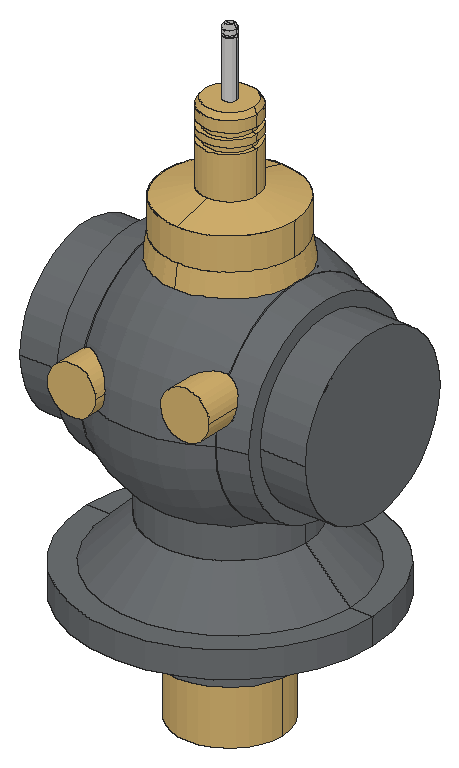
Revit family "1AHQM_DN40-50_External_RFA", category Pipe Accessories, Revit 2019
Family settings
  Round Connector Dimension = Use Diameter
  Part Type = Valve - Breaks Into
  OmniClass Number = 23.65.55.14.17
  OmniClass Title = Adjusting/Controlling Valves for Liquid Services
  Work Plane-Based = No
  Always vertical = Yes
  Cut with Voids When Loaded = No
  Shared = No
Parameters (values of type "AHQM_DN50_External_003L3602")
  TR = R * 2  # 76 mm
  R_V3 = 47 mm
  R_T2 = 33 mm
  L2 = 13 mm
  Weight = 6.20 kg
  W [instance] = 58 mm
  Valve Body Material = Danfoss Grey Iron
  URL = "https://store.danfoss.com/en/Climate-Solutions-for-heating/Pressure-and-Flow-Controllers/Pressure-Independent-Control-Valves/c/4120?q=%3Arelevance%3Adanfoss_producttypehierarchydesc%3A4503ff21ed70ed1f579e41a58838c27d4b1d929f%3Adanfoss_a50461501115_fts%3ATA6_1501121&page=0&pageSize=10"
  Nominal Pressure = "PN 16"  # constant formula
  Min Flow = "2.5 m³/h"
  Max Flow = "12.5 m³/h"
  Max Differential Pressure = "4 bar"  # constant formula
  Kvs = 20.0 m³/h
  H_TP2 = 16 mm
  R_B7 = 29.5 mm
  R_B6 = 65 mm
  L_TP1 = 25.5 mm
  H_TP1 = 8 mm
  L_TP2 = 26 mm
  H_B6 = 12 mm
  W_TP = 58 mm
  H2 = 35 mm
  Stroke = "10 mm"  # constant formula
  R = 38 mm
  L = 130 mm
  R_B3 = 51 mm
  R_B5 = 24 mm
  H_B4 = 15.5 mm
  H_B2 = 78 mm
  H_B1 = 58.5 mm
  H_B3 = 79 mm
  HH = 141 mm
  R_V1 = 44 mm
  R_V2 = 56.3 mm
  R_T1 = 29.5 mm
  R_B2 = 54.5 mm
  R_B4 = 40 mm
  R_B1 = 34.5 mm
  Pressure Drop [instance] = 0.0 bar
  Model Type = "AHQM_DN50_External"
  Model = "003L3602"
  Min Medium Temperature = "2 °C"  # constant formula
  Max Medium Temperature = "120 °C"  # constant formula
  Manufacturer = "Danfoss"  # constant formula
  LOD 350 = not(LOD 200)  # yes
  LOD 200 = no
  L1 = 21 mm
  IfcExportType = "AHQM"  # constant formula
  IfcExportAs = "IfcValveType"  # constant formula
  H_B5 = 28 mm
  H = 141.5 mm
  H1 = 71 mm
  Flow [instance] = 0.0 m³/h
  Description = "Pressure Independent Control Valve"  # constant formula
  D = 50 mm
  Connection = "External Thread"  # constant formula
Types (2, lengths in mm): name | TR | R_V3 | L2 | Weight | Min Flow | Max Flow | Kvs | H_TP2 | L_TP1 | L_TP2 | W_TP | R | L | R_V1 | R_V2 | R_B1 | Model Type | Model | L1 | D
  AHQM_DN50_External_003L3602 | 76 | 47 | 13 | 6.20 kg | "2.5 m³/h" | "12.5 m³/h" | 20.0 m³/h | 16 | 25.5 | 26 | 58 | 38 | 130 | 44 | 56.3 | 34.5 | "AHQM_DN50_External" | "003L3602" | 21 | 50
  AHQM_DN40_External_003L3601 | 60 | 39.5 | 8 | 5.40 kg | "1.5 m³/h" | "7.5 m³/h" | 12.5 m³/h | 15 | 20 | 20 | 49 | 30 | 110 | 37 | 49.1 | 33 | "AHQM_DN40_External" | "003L3601" | 18 | 40
Reference planes
  plane 1 "Center (Front/Back)": y = 0
  plane 2 "XYPLANE": z = 0
  plane 3 "Center (Left/Right)": x = 0
  plane 4 "192": x = -31
  plane 5 "187": x = 31
  plane 6 "182": z = 111
  plane 7 "181": z = 108.5
  plane 8 "178": z = 94.5
  plane 9 "174": z = 75.5
  plane 10 "173": z = 71
  plane 11 "172": z = -79
  plane 12 "162": x = -44
  plane 13 "161": x = 44
  plane 14 "74": x = 65
  plane 15 "73": x = -65
  plane 16 "72": z = 0
  plane 17 "71": x = 0
  plane 18 "70": y = 0
  plane 19 "TP2": x = 26
  plane 20: z = 8
  plane 21 "180_2": z = 103.5
  plane 22 "183_2": z = 136.5
  plane 23 "183_3": z = 138
  plane 24 "183_4": z = 141.5
  plane 25: x = 3
  plane 26: x = 1.7
  plane 27: z = 139.75
  plane 28: z = 97.5
  plane 29: z = 100.5
  plane 30: z = 103.5
  plane 31 "B1": z = -141
  plane 32: z = -58.5
  plane 33: z = -78
  plane 34: z = -97.5
  plane 35: z = -113
  plane 36 "TP1": x = -25.5
  plane 37: z = 35
Forms (mm)
  Blend 1, solid, material "Danfoss Grey Iron" <- "Valve Body Material", visible <- "LOD 350", detail levels fine
    base sketch origin (57, -750, 0) x (0, 1, 0) y (0, 0, 1)
      loop
        circle (750, 0) r 44
    top sketch origin (57, -750, 0) x (0, 1, 0) y (0, 0, 1)
      loop
        circle (750, 0) r 47
    from -13 to -26
  Blend 2, solid, material "Danfoss Grey Iron" <- "Valve Body Material", visible <- "LOD 350", detail levels fine
    base sketch origin (-31, -750, 0) x (0, 1, 0) y (0, 0, 1)
      loop
        circle (750, 0) r 44
    top sketch origin (-31, -750, 0) x (0, 1, 0) y (0, 0, 1)
      loop
        circle (750, 0) r 47
    from -13 to 0
  Extrusion 3, solid, material "Danfoss Brass", visible <- "LOD 350", detail levels fine
    sketch origin (-750, 0, 71) x (1, 0, 0) y (0, 1, 0)
      loop
        circle (750, 0) r 29.5
    from 0 to -14.638
  Extrusion 4, solid, material "Danfoss Brass", visible <- "LOD 350", detail levels fine
    sketch origin (-750, 0, 108.5) x (1, 0, 0) y (0, 1, 0)
      loop
        circle (750, 0) r 12.5
    from -5 to 0
  Blend 5, solid, material "Danfoss Brass", visible <- "LOD 350", detail levels fine
    base sketch origin (0, 0, 109.5) x (-1, 0, 0) y (0, -1, 0)
      loop
        circle (0, 0) r 12.5
    top sketch origin (0, 0, 109.5) x (-1, 0, 0) y (0, -1, 0)
      loop
        circle (0, 0) r 11
    from -1 to 1.5
  Blend 6, solid, material "Danfoss Grey Iron" <- "Valve Body Material", visible <- "LOD 350", detail levels fine
    base sketch origin (-750, 0, -86.96) x (1, 0, 0) y (0, 1, 0)
      loop
        circle (750, 0) r 54.5
    top sketch origin (-750, 0, -86.96) x (1, 0, 0) y (0, 1, 0)
      loop
        circle (750, 0) r 34.5
    from 8.96 to 28.46
  Extrusion 7, solid, material "Danfoss Brass", detail levels fine
    sketch origin (0, 0, -141) x (-1, 0, 0) y (0, -1, 0)
      loop
        circle (0, 0) r 24
    from 0 to 28 <- "H_B5"
  Blend 8, solid, material "Danfoss Grey Iron" <- "Valve Body Material", visible <- "LOD 350", detail levels fine
    base sketch origin (-750, 0, -54.28) x (1, 0, 0) y (0, 1, 0)
      loop
        circle (750, 0) r 40
    top sketch origin (-750, 0, -54.28) x (1, 0, 0) y (0, 1, 0)
      loop
        circle (750, 0) r 51
    from -43.22 to -35.72
  Extrusion 9, solid, material "Danfoss Grey Iron" <- "Valve Body Material", detail levels fine
    sketch origin (65, -750, 0) x (0, 1, 0) y (0, 0, 1)
      loop
        circle (750, 0) r 38
    from 0 to -21
  Extrusion 10, solid, material "Danfoss Grey Iron" <- "Valve Body Material", detail levels fine
    sketch origin (-65, -750, 0) x (0, 1, 0) y (0, 0, 1)
      loop
        circle (750, 0) r 38
    from 0 to 21
  Extrusion 11, solid, material "Danfoss Grey Iron" <- "Valve Body Material", not visible
    sketch origin (65, -750, 0) x (0, 1, 0) y (0, 0, 1)
      loop
        circle (750, 0) r 10
    from 0 to -10
  Extrusion 12, solid, material "Danfoss Grey Iron" <- "Valve Body Material", not visible
    sketch origin (-65, -750, 0) x (0, 1, 0) y (0, 0, 1)
      loop
        circle (750, 0) r 10
    from 0 to 10
  Extrusion 13, solid, material "Danfoss Brass", visible <- "LOD 350", detail levels fine
    sketch origin (0, 0, 0) x (1, 0, 0) y (0, 0, 1)
      loop
        circle (26, 16) r 11
      loop
        circle (-25.5, 8) r 11
    from 0 to 58 <- "W_TP"
  Revolve 14, solid, material "Danfoss Stainless Steel AISI 304 / AISI 316L", visible <- "LOD 350", detail levels fine
    sketch origin (0, 0, 0) x (1, 0, 0) y (0, 0, 1)
      loop
        line (0, 141.5) -> (0, 111) -> (3, 111) -> (3, 136.5) -> (1.7, 136.5) -> (1.7, 138) -> (3, 138) -> (3, 139.75) -> (1.7, 141.5) -> (0, 141.5)
      axis (0, 141.5) -> (0, 111)
    angle from 0 to 360
  Extrusion 15, solid, material "Danfoss Stainless Steel AISI 304 / AISI 316L", visible <- "LOD 200", detail levels fine
    sketch origin (-750, 0, 75.5) x (1, 0, 0) y (0, 1, 0)
      loop
        circle (750, 0) r 3
    from 66 to 35.5
  Extrusion 16, solid, material "Danfoss Grey Iron" <- "Valve Body Material", visible <- "LOD 200", detail levels fine
    sketch origin (-44, -750, 0) x (0, 1, 0) y (0, 0, 1)
      loop
        circle (750, 0) r 47
    from 0 to 88
  Revolve 17, solid, material "Danfoss Brass", visible <- "LOD 350", detail levels fine
    sketch origin (0, 0, 0) x (1, 0, 0) y (0, 0, 1)
      loop
        line (0, 94.5) -> (10.45, 94.5) -> (10.45, 97.5) -> (12.5, 97.5) -> (12.5, 100.5) -> (10.45, 100.5) -> (10.45, 103.5) -> (0, 103.5) -> (0, 94.5)
      axis (0, 103.5) -> (0, 94.5)
    angle from 0 to 360
  Blend 18, solid, material "Danfoss Brass", visible <- "LOD 350", detail levels fine
    base sketch origin (0, 0, -200) x (0, 1, 0) y (-1, 0, 0)
      loop
        circle (0, 0) r 29.5
    top sketch origin (0, 0, -200) x (0, 1, 0) y (-1, 0, 0)
      loop
        circle (0, 0) r 12.5
    from 271 to 275.5
  Revolve 19, solid, material "Danfoss Grey Iron" <- "Valve Body Material", detail levels fine
    sketch origin (0, 0, 0) x (1, 0, 0) y (0, 0, 1)
      loop
        line (-65, -78) -> (-65, -90) -> (0, -90) -> (0, -78) -> (-65, -78)
      axis (0, -78) -> (0, -90)
    angle from 0 to 360
  Revolve 20, solid, material "Danfoss Grey Iron" <- "Valve Body Material", visible <- "LOD 350", detail levels fine
    sketch origin (0, 0, 0) x (1, 0, 0) y (0, 0, 1)
      loop
        line (-29.5, -113) -> (0, -113) -> (0, -97.5) -> (-29.5, -97.5) -> (-29.5, -113)
      axis (0, -97.5) -> (0, -113)
    angle from 0 to 360
  Revolve 21, solid, material "Danfoss Grey Iron" <- "Valve Body Material", visible <- "LOD 350", detail levels fine
    sketch origin (0, 0, 0) x (1, 0, 0) y (0, 0, 1)
      loop
        line (0, -58.5) -> (34.5, -58.5) -> (34.5, 0) -> (0, 0) -> (0, -58.5)
      axis (0, 0) -> (0, -58.5)
    angle from 0 to 360
  Revolve 22, solid, material "Danfoss Brass", visible <- "LOD 350", detail levels fine
    sketch origin (0, 0, 0) x (1, 0, 0) y (0, 0, 1)
      loop
        line (0, 94.5) -> (0, 75.5) -> (12.5, 75.5) -> (12.5, 94.5) -> (0, 94.5)
      axis (0, 94.5) -> (0, 75.5)
    angle from 0 to 360
  Revolve 23, solid, material "Danfoss Brass", visible <- "LOD 200", detail levels fine
    sketch origin (0, 0, 0) x (1, 0, 0) y (0, 0, 1)
      loop
        line (0, 111) -> (0, 0) -> (29.5, 0) -> (29.5, 75.5) -> (12.5, 75.5) -> (12.5, 111) -> (0, 111)
      axis (0, 111) -> (0, 0)
    angle from 0 to 360
  Revolve 24, solid, material "Danfoss Grey Iron" <- "Valve Body Material", visible <- "LOD 200", detail levels fine
    sketch origin (0, 0, 0) x (1, 0, 0) y (0, 0, 1)
      loop
        line (0, 0) -> (0, -113) -> (34.5, -113) -> (34.5, 0) -> (0, 0)
      axis (0, 0) -> (0, -113)
    angle from 0 to 360
  Blend 25, solid, material "Danfoss Brass", visible <- "LOD 350", detail levels fine
    base sketch origin (0, 0, -200) x (0, 1, 0) y (-1, 0, 0)
      loop
        circle (0, 0) r 29.5
    top sketch origin (0, 0, -200) x (0, 1, 0) y (-1, 0, 0)
      loop
        circle (0, 0) r 33
    from 256.362 to 235
  Revolve 26, solid, material "Danfoss Grey Iron" <- "Valve Body Material", visible <- "LOD 350", detail levels fine
    sketch origin (0, 0, 0) x (1, 0, 0) y (0, 1, 0)
      loop
        line (-31, 0) -> (31, 0) -> (31, 46.997)
        arc (31, 46.997) -> (0, 56.3) -> (-31, 46.997) r 56.3
        line (-31, 46.997) -> (-31, 0)
      axis (-31, 0) -> (31, 0)
    angle from 0 to 360
Lines and regions (mm)
  reference lines, not visible
    curve 1: circle (2, 2, 0) r 1 normal (0, 0, 1)
Dimensions and locks
  locked: plane 2 "XYPLANE" to plane 16 "72"
  locked: plane 1 "Center (Front/Back)" to plane 18 "70"
  "H_TP1": level to plane 20
  equal spacing: plane 24 "183_4", plane 27, plane 23 "183_3"
  "H1": plane 10 "173" to level
  "H": plane 24 "183_4" to level
  Revolve 17 sketch curve to plane 3 "Center (Left/Right)" = 10.45 mm
  Revolve 17 sketch curve to plane 3 "Center (Left/Right)" = 12.5 mm
  Revolve 17 sketch curve to plane 17 "71" = 10.45 mm
  "L": plane 14 "74" to plane 15 "73"
  equal spacing: plane 14 "74", plane 3 "Center (Left/Right)", plane 15 "73"
  "H_B3": level to plane 11 "172"
  "HH": level to plane 31 "B1"
  "H_B1": level to plane 32
  "H_B2": level to plane 33
  "H_B6": Revolve 19 sketch curve to Revolve 19 sketch curve
  "R_B6": Revolve 19 sketch curve to Revolve 19 sketch curve
  "H_B5": plane 35 to plane 31 "B1"
  "H_B4": plane 34 to plane 35
  "R_B7": plane 3 "Center (Left/Right)" to Revolve 20 sketch curve
  "R_B1": Revolve 21 sketch curve to plane 3 "Center (Left/Right)"
  plane 6 "182" to plane 7 "181" to plane 21 "180_2" = 2.5 mm locked, 5 mm locked
  "L_TP1": plane 36 "TP1" to plane 3 "Center (Left/Right)"
  "L_TP2": plane 3 "Center (Left/Right)" to plane 19 "TP2"
  Revolve 14 sketch curve to Revolve 14 sketch curve = 3 mm  (x2)
  Revolve 22 sketch curve to plane 3 "Center (Left/Right)" = 12.5 mm
  Revolve 23 sketch curve to plane 3 "Center (Left/Right)" = 12.5 mm
  "R_T1": Revolve 23 sketch curve to plane 3 "Center (Left/Right)"
  "R_B1": Revolve 24 sketch curve to Revolve 24 sketch curve
  locked: plane 21 "180_2" to plane 8 "178" at 9
  plane 8 "178" to plane 9 "174" to plane 10 "173" = 19 mm locked, 4.5 mm locked
  plane 30 to plane 29 to plane 28 to plane 8 "178" = 3 mm, 3 mm, 3 mm
  locked: plane 23 "183_3" to plane 22 "183_2" at 1.5
  locked: plane 24 "183_4" to plane 23 "183_3" at 3.5
  "L1": plane 15 "73" to plane 12 "162"
  "L1": plane 13 "161" to plane 14 "74"
  "L2": plane 4 "192" to plane 12 "162"
  "L2": plane 13 "161" to plane 5 "187"
  "H_TP2": Extrusion 13 sketch curve to level
  "H2": plane 37 to level
  "W": plane 1 "Center (Front/Back)" to Extrusion 13
  "R_V3": radius of Blend 1 sketch curve
  "R_V1": radius of Blend 1 sketch curve
  "R_V3": radius of Blend 2 sketch curve
  "R_V1": radius of Blend 2 sketch curve
  "R_T1": radius of Extrusion 3 sketch curve
  "R_B1": radius of Blend 6 sketch curve
  "R_B2": radius of Blend 6 sketch curve
  "R_B5": radius of Extrusion 7 sketch curve
  "R_B3": radius of Blend 8 sketch curve
  "R_B4": radius of Blend 8 sketch curve
  "R": radius of Extrusion 9 sketch curve
  "R": radius of Extrusion 10 sketch curve
  radius of Extrusion 15 sketch curve = 3 mm
  "R_V3": radius of Extrusion 16 sketch curve
  radius of Extrusion 4 sketch curve = 12.5 mm
  "R_T1": radius of Blend 18 sketch curve
  radius of Blend 18 sketch curve = 12.5 mm
  radius of Blend 5 sketch curve = 11 mm
  radius of Blend 5 sketch curve = 12.5 mm
  diameter of Extrusion 13 sketch curve = 22 mm  (x2)
  "R_T2": radius of Blend 25 sketch curve
  "R_T1": radius of Blend 25 sketch curve
  "R_V2": radius of Revolve 26 sketch curve
  aligned and locked: level to plane 2 "XYPLANE"
  aligned and locked: plane 16 "72" to Blend 1 sketch curve  (x2)
  aligned and locked: Blend 1 sketch curve to plane 18 "70"  (x2)
  aligned and locked: plane 16 "72" to Blend 2 sketch curve  (x2)
  aligned and locked: Blend 2 sketch curve to plane 18 "70"  (x2)
  aligned and locked: plane 17 "71" to Extrusion 3 sketch curve
  aligned and locked: plane 18 "70" to Extrusion 3 sketch curve
  aligned and locked: plane 17 "71" to Extrusion 4 sketch curve
  aligned and locked: plane 18 "70" to Extrusion 4 sketch curve
  aligned and locked: plane 17 "71" to Blend 5 sketch curve  (x2)
  aligned and locked: plane 18 "70" to Blend 5 sketch curve  (x2)
  aligned and locked: plane 17 "71" to Blend 6 sketch curve  (x2)
  aligned and locked: plane 18 "70" to Blend 6 sketch curve  (x2)
  aligned and locked: plane 17 "71" to Extrusion 7 sketch curve
  aligned and locked: plane 18 "70" to Extrusion 7 sketch curve
  aligned and locked: plane 17 "71" to Blend 8 sketch curve  (x2)
  aligned and locked: plane 18 "70" to Blend 8 sketch curve  (x2)
  aligned and locked: plane 16 "72" to Extrusion 9 sketch curve
  aligned and locked: Extrusion 9 sketch curve to plane 18 "70"
  aligned and locked: plane 16 "72" to Extrusion 10 sketch curve
  aligned and locked: Extrusion 10 sketch curve to plane 18 "70"
  aligned and locked: plane 16 "72" to Extrusion 11 sketch curve
  aligned and locked: Extrusion 11 sketch curve to plane 18 "70"
  aligned and locked: plane 16 "72" to Extrusion 12 sketch curve
  aligned and locked: Extrusion 12 sketch curve to plane 18 "70"
  aligned and locked: Revolve 14 sketch curve to plane 26
  aligned and locked: Revolve 14 sketch curve to plane 22 "183_2"
  aligned and locked: Revolve 14 sketch curve to plane 23 "183_3"
  aligned and locked: Revolve 14 sketch curve to plane 24 "183_4"
  aligned and locked: Revolve 14 sketch curve to plane 25
  aligned and locked: plane 26 to Revolve 14 sketch curve
  aligned and locked: plane 27 to Revolve 14 sketch curve
  aligned and locked: Revolve 14 sketch curve to plane 17 "71"
  aligned and locked: Extrusion 4 to plane 21 "180_2"
  aligned and locked: plane 7 "181" to Extrusion 4
  aligned and locked: Blend 5 to plane 7 "181"
  aligned and locked: plane 6 "182" to Blend 5
  aligned and locked: Revolve 14 sketch curve to plane 6 "182"
  aligned and locked: Revolve 17 sketch curve to plane 8 "178"
  aligned and locked: Revolve 17 sketch curve to plane 3 "Center (Left/Right)"
  aligned and locked: Revolve 17 sketch curve to plane 30
  aligned and locked: Revolve 17 sketch curve to plane 29
  aligned and locked: Revolve 17 sketch curve to plane 28
  aligned and locked: Blend 5 to Revolve 17 sketch curve
  aligned and locked: Revolve 17 sketch curve to plane 17 "71"
  aligned and locked: plane 3 "Center (Left/Right)" to Blend 18 sketch curve  (x2)
  aligned and locked: plane 1 "Center (Front/Back)" to Blend 18 sketch curve  (x2)
  aligned and locked: Blend 18 to plane 10 "173"
  aligned and locked: plane 9 "174" to Blend 18
  aligned and locked: Blend 2 to plane 4 "192"
  aligned and locked: Blend 1 to plane 5 "187"
  aligned and locked: Extrusion 7 to plane 31 "B1"
  aligned and locked: plane 32 to Blend 6
  aligned and locked: Blend 6 to plane 33
  aligned and locked: Revolve 19 sketch curve to plane 33
  aligned and locked: Revolve 19 sketch curve to plane 3 "Center (Left/Right)"  (x2)
  aligned and locked: Revolve 19 sketch curve to Blend 6
  aligned and locked: Revolve 19 sketch curve to Extrusion 7
  aligned and locked: Blend 8 to Revolve 19
  aligned and locked: plane 24 "183_4" to Extrusion 15
  aligned and locked: Extrusion 15 to plane 6 "182"
  aligned and locked: Revolve 20 sketch curve to plane 35
  aligned and locked: Revolve 20 sketch curve to plane 3 "Center (Left/Right)"
  aligned and locked: Revolve 20 sketch curve to plane 34
  aligned and locked: Revolve 20 sketch curve to Revolve 20 sketch curve  (x2)
  aligned and locked: Revolve 21 sketch curve to plane 32
  aligned and locked: Revolve 21 sketch curve to plane 3 "Center (Left/Right)"
  aligned and locked: Revolve 21 sketch curve to level
  aligned and locked: Revolve 21 sketch curve to Revolve 21 sketch curve  (x2)
  aligned and locked: Extrusion 10 to plane 15 "73"
  aligned and locked: Extrusion 9 to plane 14 "74"
  aligned and locked: Extrusion 16 to plane 12 "162"
  aligned and locked: Extrusion 16 to plane 13 "161"
  aligned and locked: plane 36 "TP1" to Extrusion 13 sketch curve
  aligned and locked: Blend 8 to plane 34
  aligned and locked: Revolve 22 sketch curve to plane 8 "178"
  aligned and locked: Revolve 22 sketch curve to plane 9 "174"
  aligned and locked: Revolve 22 sketch curve to plane 17 "71"  (x2)
  aligned and locked: Revolve 22 sketch curve to Revolve 17
  aligned and locked: Revolve 23 sketch curve to plane 6 "182"
  aligned and locked: Revolve 23 sketch curve to plane 3 "Center (Left/Right)"
  aligned and locked: Revolve 23 sketch curve to plane 9 "174"
  aligned and locked: Revolve 23 sketch curve to level
  aligned and locked: Revolve 23 sketch curve to Revolve 23 sketch curve  (x2)
  aligned and locked: Revolve 24 sketch curve to level
  aligned and locked: plane 12 "162" to Extrusion 10
  aligned and locked: Extrusion 9 to plane 13 "161"
  aligned and locked: Blend 2 to plane 12 "162"
  aligned and locked: plane 13 "161" to Blend 1
  aligned and locked: plane 19 "TP2" to Extrusion 13 sketch curve
  aligned and locked: Blend 25 to plane 37
  aligned and locked: Blend 25 to Extrusion 3
  aligned and locked: Revolve 26 sketch curve to plane 18 "70"
  aligned and locked: Revolve 26 sketch curve to plane 4 "192"
  aligned and locked: Revolve 26 sketch curve to plane 5 "187"
  aligned and locked: plane 18 "70" to Revolve 26 sketch curve
  aligned and locked: plane 3 "Center (Left/Right)" to Revolve 26 sketch curve
  aligned and locked: Revolve 26 sketch curve to Revolve 26 sketch curve  (x2)
  aligned and locked: plane 3 "Center (Left/Right)" to nested 1
  aligned and locked: plane 1 "Center (Front/Back)" to nested 1
  aligned and locked: nested 1 to plane 3 "Center (Left/Right)"
  aligned and locked: Revolve 24 sketch curve to Revolve 24 sketch curve  (x2)
  aligned and locked: Revolve 24 sketch curve to plane 35
  aligned and locked: plane 31 "B1" to Revolve 24 sketch curve
Automatic sketch dimensions
  plane 1 "Center (Front/Back)" to Extrusion 11 sketch curve = 10 mm
  plane 1 "Center (Front/Back)" to Extrusion 12 sketch curve = 10 mm
  plane 3 "Center (Left/Right)" to curve 1 = 2 mm
  curve 1 to plane 1 "Center (Front/Back)" = 2 mm
  plane 24 "183_4" to Revolve 14 sketch curve = 8938.54 mm
  Revolve 17 sketch curve to plane 8 "178" = 1.66 mm
  Revolve 14 sketch curve to plane 8 "178" = 0 mm
  Revolve 22 sketch curve to plane 10 "173" = 0 mm
  plane 1 "Center (Front/Back)" to Extrusion 15 sketch curve = 0 mm
  Extrusion 15 sketch curve to plane 3 "Center (Left/Right)" = 0 mm
  Extrusion 13 sketch curve to plane 20 = 0 mm
  Extrusion 16 sketch curve to level = 0 mm
  Extrusion 16 sketch curve to plane 1 "Center (Front/Back)" = 0 mm
  plane 31 "B1" to Revolve 20 sketch curve = 4.021 mm
  plane 34 to Revolve 21 sketch curve = 0.479 mm
  Revolve 23 sketch curve to level = 0 mm
  Revolve 24 sketch curve to plane 3 "Center (Left/Right)" = 0 mm
  plane 1 "Center (Front/Back)" to Blend 25 sketch curve = 0 mm  (x2)
  Blend 25 sketch curve to plane 3 "Center (Left/Right)" = 0 mm  (x2)
  Revolve 26 sketch curve to plane 5 "187" = 0 mm
  radius of curve 1 = 1 mm
Nested families
  nested 1: "Schematic_PICV" at (0, 0, 0), type "Schematic_PICV", detail levels coarse+medium
Connectors
  piping at (-65, 0, 0), diameter 50, driven by "D", driven by "Flow"
    settings: on Extrusion 12, index 1, connector inside diameter 609.6 mm, connector length 0 mm, flow factor 0, pipe flow 0.0 m³/h, pressure drop 0.0 bar, fitting loss kfactor 0, connector angle 0.00°, fixture units 0, engagement length 0 mm, angle of deflection 0.00°, flow configuration 0, flow direction 0, fitting loss method 0, system type 29, joint type 0, gender type 0, connector reference index 2, connector utility 0, adjustable connector no, is connector primary yes, connector description ""
  piping at (65, 0, 0), diameter 50, driven by "D", driven by "Flow"
    settings: on Extrusion 11, index 2, connector inside diameter 609.6 mm, connector length 0 mm, flow factor 0, pipe flow 0.0 m³/h, pressure drop 0.0 bar, fitting loss kfactor 0, connector angle 0.00°, fixture units 0, engagement length 0 mm, angle of deflection 0.00°, flow configuration 0, flow direction 0, fitting loss method 0, system type 29, joint type 0, gender type 0, connector reference index 1, connector utility 0, adjustable connector no, is connector primary no, connector description ""
Definition of nested family "Schematic_PICV"
  Parameters (values of type "Schematic_PICV")
    L_1 = 3 / 5 * L  # 78 mm
    L = 130 mm
    H4 = 2 / 5 * L  # 52 mm
    H2 = 141 mm
    H = 141 mm
    D = 70 mm
  Reference planes
    plane 1 "Center (Front/Back)": y = 0
    plane 2: z = 0
    plane 3 "Center (Left/Right)": x = 0
    plane 4: x = 39
    plane 5: x = -39
    plane 6: z = 35
    plane 7: z = -35
    plane 8: z = 141
    plane 9: x = 65
    plane 10: x = -65
    plane 11: y = 35
    plane 12: y = -35
    plane 13: y = 0
    plane 14: y = -141
    plane 15: z = -141
    plane 16: z = -115
    plane 17: y = -115
    plane 18: z = -89
    plane 19: y = -89
    plane 20: y = 141
  Lines and regions (mm)
    model lines
      curve 1: line (0, 0, 141) -> (0, 0, -89)
      curve 2: line (0, 0, 0) -> (-65, 0, 35)
      curve 3: line (-65, 0, 35) -> (-65, 0, -35)
      curve 4: line (-65, 0, -35) -> (0, 0, 0)
      curve 5: line (0, 0, 0) -> (65, 0, 35)
      curve 6: line (65, 0, 35) -> (65, 0, -35)
      curve 7: line (65, 0, -35) -> (0, 0, 0)
      curve 8: line (39, 0, -115) -> (-39, 0, -115)
      curve 9: line (-39, 0, 141) -> (39, 0, 141)
      curve 10: spline (-39, 0, -115) -> (-37.671, 0, -108.271) -> (-33.775, 0, -102) -> (-27.577, 0, -96.615) -> (-19.5, 0, -92.483) -> (-10.094, 0, -89.886) -> (0, 0, -89) -> (10.094, 0, -89.886) -> (19.5, 0, -92.483) -> (27.577, 0, -96.615) -> (33.775, 0, -102) -> (37.671, 0, -108.271) -> (39, 0, -115) -> (37.671, 0, -121.729) -> (33.775, 0, -128) -> (27.577, 0, -133.385) -> (19.5, 0, -137.517) -> (10.094, 0, -140.114) -> (0, 0, -141) -> (-10.094, 0, -140.114) -> (-19.5, 0, -137.517) -> (-27.577, 0, -133.385) -> (-33.775, 0, -128) -> (-37.671, 0, -121.729) -> (-39, 0, -115)
    symbolic lines
      curve 11: line (65, 35, 0) -> (65, -35, 0)
      curve 12: line (-65, 35, 0) -> (-65, -35, 0)
      curve 13: line (-65, 35, 0) -> (0, 0, 0)
      curve 14: line (0, 0, 0) -> (-65, -35, 0)
      curve 15: line (0, 0, 0) -> (65, -35, 0)
      curve 16: line (0, 0, 0) -> (65, 35, 0)
      curve 17: spline (0, -141, 0) -> (10.094, -140.114, 0) -> (19.5, -137.517, 0) -> (27.577, -133.385, 0) -> (33.775, -128, 0) -> (37.671, -121.729, 0) -> (39, -115, 0) -> (37.671, -108.271, 0) -> (33.775, -102, 0) -> (27.577, -96.615, 0) -> (19.5, -92.483, 0) -> (10.094, -89.886, 0) -> (0, -89, 0) -> (-10.094, -89.886, 0) -> (-19.5, -92.483, 0) -> (-27.577, -96.615, 0) -> (-33.775, -102, 0) -> (-37.671, -108.271, 0) -> (-39, -115, 0) -> (-37.671, -121.729, 0) -> (-33.775, -128, 0) -> (-27.577, -133.385, 0) -> (-19.5, -137.517, 0) -> (-10.094, -140.114, 0) -> (0, -141, 0)
      curve 18: line (39, -115, 0) -> (-39, -115, 0)
      curve 19: line (0, 141, 0) -> (0, -89, 0)
      curve 20: line (-39, 141, 0) -> (39, 141, 0)
  Dimensions and locks
    equal spacing: plane 4, plane 3 "Center (Left/Right)", plane 5
    "D": plane 6 to plane 7
    equal spacing: plane 6, level, plane 7
    "D": plane 12 to plane 11
    "H2": plane 14 to plane 1 "Center (Front/Back)"
    "H2": level to plane 15
    equal spacing: plane 18, plane 16, plane 15
    equal spacing: plane 14, plane 17, plane 19
    equal spacing: plane 9, plane 3 "Center (Left/Right)", plane 10
    "L_1": plane 4 to plane 5
    equal spacing: plane 12, plane 1 "Center (Front/Back)", plane 11
    "L": plane 9 to plane 10
    "H4": plane 18 to plane 15
    "H4": plane 14 to plane 19
    "H": plane 8 to level
    "H": plane 13 to plane 20
    aligned and locked: level to plane 2
    aligned and locked: plane 4 to curve 9
    aligned and locked: plane 5 to curve 9
    aligned and locked: plane 4 to curve 10
    aligned and locked: plane 5 to curve 10
    aligned and locked: plane 3 "Center (Left/Right)" to curve 17
    aligned and locked: plane 5 to curve 17
    aligned and locked: plane 16 to curve 8
    aligned and locked: plane 16 to curve 10
    aligned and locked: plane 17 to curve 17
    aligned and locked: curve 18 to plane 17
    aligned and locked: plane 19 to curve 17
    aligned and locked: curve 19 to plane 3 "Center (Left/Right)"
    aligned and locked: plane 5 to curve 20
    aligned and locked: plane 4 to curve 20
    aligned and locked: plane 20 to curve 20
    aligned and locked: plane 20 to curve 19
  Automatic sketch dimensions
    curve 3 to plane 7 = 0 mm
    curve 3 to plane 10 = 0 mm
    curve 5 to level = 0 mm
    curve 5 to plane 3 "Center (Left/Right)" = 0 mm
    curve 6 to plane 7 = 0 mm
    curve 6 to plane 9 = 0 mm
    curve 1 to plane 18 = 0 mm
    curve 4 to level = 0 mm
    curve 7 to level = 0 mm
    curve 2 to plane 6 = 0 mm
    curve 6 to plane 6 = 0 mm
    curve 9 to plane 8 = 0 mm
    curve 13 to plane 10 = 0 mm
    plane 1 "Center (Front/Back)" to curve 15 = 0 mm
    curve 15 to plane 3 "Center (Left/Right)" = 0 mm
    curve 11 to plane 9 = 0 mm
    plane 12 to curve 12 = 0 mm
    plane 12 to curve 11 = 0 mm
    plane 11 to curve 13 = 0 mm
    plane 11 to curve 11 = 0 mm
